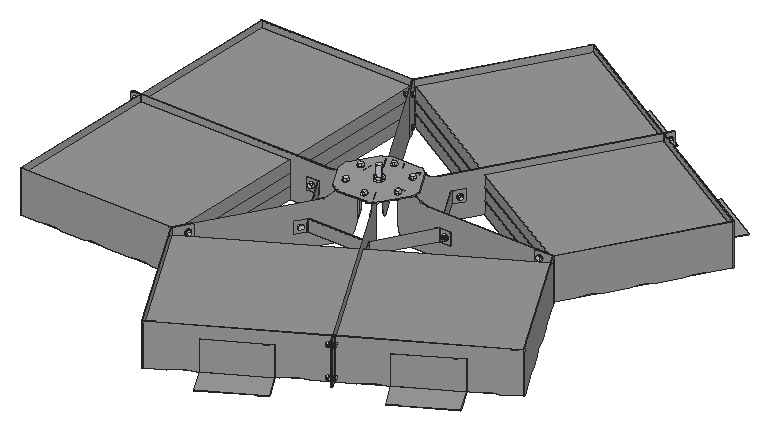
Revit family "ROTHOB_Rothoblaas_FallProtection_BLOCK", category Specialty Equipment, host Face, Revit 2022
Family settings
  Host = Face
  Round Connector Dimension = Use Diameter
  Part Type = Normal
  OmniClass Number = 23.27.71.21
  Cut with Voids When Loaded = No
  Maintain Annotation Orientation = No
  Shared = No
  Room Calculation Point = No
Parameters (values of type "BLOCK+BLOCKPLATE_1891x1669x210mm")
  WarrantyStartDate [instance] = ""
  WarrantyGuarantorParts = "n/a"
  WarrantyGuarantorLabor = "n/a"
  WarrantyDurationUnit = "n/a"
  WarrantyDurationParts = "n/a"
  WarrantyDurationLabor = "n/a"
  WarrantyDescription = "n/a"
  Version = "001"  # constant formula
  UniClass2015Version = "Products v1.38"  # constant formula
  UniClass2015Title = "Safety access anchor devices"  # constant formula
  UniClass2015Code = "Pr_40_70_75_75"  # constant formula
  Tipo IFC predefinito = "USERDEFINED"
  SustainabilityPerformance = "n/a"
  Size = "1891x1669x210 mm"  # constant formula
  Shape = "Three-dimensional"  # constant formula
  Revision = "001"  # constant formula
  ReplacementCost = "n/a"
  ReferenceStandard = "with PATROL: EN 795:2012 C | CEN/TS 16415:2013 | UNI 11578:2015 C //  with AOS01: EN 795:2012 E"  # constant formula
  ObjectMaterial = ROTHOB_Rothoblaas_StainlessSteelAISI304
  N°Ballast=24 = no
  NominalLength = Lenght_L  # 1891.243 mm
  Manufacturer = "info@rothoblaas.com"
  H_BLOCKMAT = 0.00 mm
  GTIN = "BLOCK: 8052877750641 / BLOCKPLATE: 8054045435831"
  Description = "Support with ballast for fall protection systems for non-drillable green roofs and flat roofs (slope up to 5°)"  # constant formula
  Default Elevation = 1219.20 mm
  ProductInformation = "https://www.rothoblaas.com/products/fall-protection-system/anchor-lines/components/block"
  OmniClassVersion = "2012-05-16"  # constant formula
  OmniClassTitle = "Fall Arrest Systems"  # constant formula
  OmniClassCode = "23-27 71 21"  # constant formula
  NominalWidth = Width_B  # 1668.533 mm
  NominalHeight = Height_H  # 165.50 mm
  InstallationDate [instance] = ""
  IfcElementType = "FALL_ARRESTER_DEVICES"
  Height_H = 165.50 mm
  Name = "Support for fall protection systems"  # constant formula
  ModelReference = "n/a"  # constant formula
  ModelNumber = "BLOCK"  # constant formula
  ModelDisclaimer = "The latest version of the data sheets can be found on our website // BLOCKMAT, BLOCKPLATE and Ballasts are not included with the purchase of BLOCK"  # constant formula
  MinWeight = "BLOCK 19.3 kg / BLOCK with 18 ballasts 400 kg"  # constant formula
  Material = "AISI 304 stainless steel grade 1.4301"  # constant formula
  ManufacturerURL = "www.rothoblaas.com"
  ManufacturerName = "ROTHO BLAAS SRL"  # constant formula
  IfcExportType = "USERDEFINED"
  IfcExportAs = "IfcBuildingElementProxyType"
  Width_B = 1668.533 mm
  Grade = "n/a"  # constant formula
  Finish = "Stainless steel"  # constant formula
  Features = "Horizontal lifeline and anchor points"  # constant formula
  ExpectedLife = "n/a"  # constant formula
  Esporta tipo in formato IFC con nome = "IfcBuildingElementProxyType"
  DurationUnit = "Years"  # constant formula
  Lenght_L = 1891.243 mm
  Constituents = "n/a"  # constant formula
  Color = "Grey"  # constant formula
  CodePerformance = "CE - Safety system"  # constant formula
  Category = "Pr_40_70_75_75 - Safety access anchor devices"  # constant formula
  BLOCKPLATE = yes
  BLOCKMAT = no
  BIMObjectName = "ROTHOB_Rothoblaas_FallProtection_BLOCK"  # constant formula
  Author = "Augusto Meorali"  # constant formula
  AssetType = "Fixed"  # constant formula
  AccessibilityPerformance = "n/a"  # constant formula
Reference planes
  plane 1 "Centro (Fronte/Retro)": y = 0
  plane 2: z = 0
  plane 3 "Centro (Sinistra/Destra)": x = 0
  plane 4: x = -830.356
  plane 5: x = 838.177
  plane 6: y = -945.614
  plane 7: y = 945.63
  plane 8: z = 165.5
  plane 9 "BLOCK BASE REF PLANE": z = 0
Dimensions and locks
  equal spacing: host sketch curve, plane 3 "Centro (Sinistra/Destra)", host sketch curve
  host sketch curve to host sketch curve = 6940.478 mm
  equal spacing: host sketch curve, plane 1 "Centro (Fronte/Retro)", host sketch curve
  host sketch curve to host sketch curve = 8379.903 mm
  "Width_B": plane 4 to plane 5
  "Lenght_L": plane 7 to plane 6
  "H_BLOCKMAT": plane 9 "BLOCK BASE REF PLANE" to level
  "Height_H": plane 8 to plane 9 "BLOCK BASE REF PLANE"
  aligned and locked: host face to plane 2
  aligned and locked: host face to level
Nested families
  nested 1: "ROTHOB_Rothoblaas_FallProtection_BLOCK_LongStrut" at (0, 0, 0), type "ROTHOB_Rothoblaas_FallProtection_BLOCK_LongStrut"
  nested 2: "ROTHOB_Rothoblaas_FallProtection_BLOCK_ShortStrut" at (0, 0, 0), type "ROTHOB_Rothoblaas_FallProtection_BLOCK_ShortStrut"
  nested 3: "ROTHOB_Rothoblaas_FallProtection_BLOCK_Frame" at (0, 0, 0), type "ROTHOB_Rothoblaas_FallProtection_BLOCK_FrameBolted"
  nested 4: "ROTHOB_Rothoblaas_FallProtection_BLOCK_Frame" at (0, 0, 0), type "ROTHOB_Rothoblaas_FallProtection_BLOCK_Frame"
  nested 5: "ROTHOB_Rothoblaas_FallProtection_BLOCK_Connection" at (0, 0, 0), type "ROTHOB_Rothoblaas_FallProtection_BLOCK_Connection"
  nested 6: "ROTHOB_Rothoblaas_FallProtection_BLOCK_ShortStrut" at (0, 0, 0) x (-0.5, 0.866, 0) z (0, 0, 1), type "ROTHOB_Rothoblaas_FallProtection_BLOCK_ShortStrut"
  nested 7: "ROTHOB_Rothoblaas_FallProtection_BLOCK_ShortStrut" at (0, 0, 0) x (-0.5, -0.866, 0) z (0, 0, 1), type "ROTHOB_Rothoblaas_FallProtection_BLOCK_ShortStrut"
  nested 8: "ROTHOB_Rothoblaas_FallProtection_BLOCK_Frame" at (0, 0, 0) x (-0.5, 0.866, 0) z (0, 0, 1), type "ROTHOB_Rothoblaas_FallProtection_BLOCK_FrameBolted"
  nested 9: "ROTHOB_Rothoblaas_FallProtection_BLOCK_Frame" at (0, 0, 0) x (-0.5, 0.866, 0) z (0, 0, 1), type "ROTHOB_Rothoblaas_FallProtection_BLOCK_Frame"
  nested 10: "ROTHOB_Rothoblaas_FallProtection_BLOCK_Connection" at (0, 0, 0) x (-0.5, 0.866, 0) z (0, 0, 1), type "ROTHOB_Rothoblaas_FallProtection_BLOCK_Connection"
  nested 11: "ROTHOB_Rothoblaas_FallProtection_BLOCK_LongStrut" at (0, 0, 0) x (-0.5, 0.866, 0) z (0, 0, 1), type "ROTHOB_Rothoblaas_FallProtection_BLOCK_LongStrut"
  nested 12: "ROTHOB_Rothoblaas_FallProtection_BLOCK_Frame" at (0, 0, 0) x (-0.5, -0.866, 0) z (0, 0, 1), type "ROTHOB_Rothoblaas_FallProtection_BLOCK_FrameBolted"
  nested 13: "ROTHOB_Rothoblaas_FallProtection_BLOCK_Frame" at (0, 0, 0) x (-0.5, -0.866, 0) z (0, 0, 1), type "ROTHOB_Rothoblaas_FallProtection_BLOCK_Frame"
  nested 14: "ROTHOB_Rothoblaas_FallProtection_BLOCK_Connection" at (0, 0, 0) x (-0.5, -0.866, 0) z (0, 0, 1), type "ROTHOB_Rothoblaas_FallProtection_BLOCK_Connection"
  nested 15: "ROTHOB_Rothoblaas_FallProtection_BLOCK_LongStrut" at (0, 0, 0) x (-0.5, -0.866, 0) z (0, 0, 1), type "ROTHOB_Rothoblaas_FallProtection_BLOCK_LongStrut"
  nested 16: "ROTHOB_Rothoblaas_FallProtection_BLOCK_MainPlate" at (0, 0, 162.5) x (-1, 0, 0) z (0, 0, 1), type "ROTHOB_Rothoblaas_FallProtection_BLOCK_MainPlate"
  nested 17: "ROTHOB_Rothoblaas_FallProtection_BLOCK_Ballast" at (-546.395, -253.791, 0), type "Ballast_500x500x40 mm"
  nested 18: "ROTHOB_Rothoblaas_FallProtection_BLOCK_Ballast" at (-546.395, 253.791, 0), type "Ballast_500x500x40 mm"
  nested 19: "ROTHOB_Rothoblaas_FallProtection_BLOCK_Ballast" at (-546.395, -253.791, 40) x (-1, 0, 0) z (0, 0, 1), type "Ballast_500x500x40 mm"
  nested 20: "ROTHOB_Rothoblaas_FallProtection_BLOCK_Ballast" at (-546.395, 253.791, 40) x (0, 1, 0) z (0, 0, 1), type "Ballast_500x500x40 mm"
  nested 21: "ROTHOB_Rothoblaas_FallProtection_BLOCK_Ballast" at (-546.395, -253.791, 80), type "Ballast_500x500x40 mm"
  nested 22: "ROTHOB_Rothoblaas_FallProtection_BLOCK_Ballast" at (-546.395, 253.791, 80) x (0, -1, 0) z (0, 0, 1), type "Ballast_500x500x40 mm"
  nested 23: "ROTHOB_Rothoblaas_FallProtection_BLOCK_Ballast" at (492.987, -346.296, 0) x (-0.5, 0.866, 0) z (0, 0, 1), type "Ballast_500x500x40 mm"
  nested 24: "ROTHOB_Rothoblaas_FallProtection_BLOCK_Ballast" at (53.408, -600.087, 0) x (-0.5, 0.866, 0) z (0, 0, 1), type "Ballast_500x500x40 mm"
  nested 25: "ROTHOB_Rothoblaas_FallProtection_BLOCK_Ballast" at (492.987, -346.296, 40) x (0.5, -0.866, 0) z (0, 0, 1), type "Ballast_500x500x40 mm"
  nested 26: "ROTHOB_Rothoblaas_FallProtection_BLOCK_Ballast" at (53.408, -600.087, 40) x (-0.866, -0.5, 0) z (0, 0, 1), type "Ballast_500x500x40 mm"
  nested 27: "ROTHOB_Rothoblaas_FallProtection_BLOCK_Ballast" at (492.987, -346.296, 80) x (-0.5, 0.866, 0) z (0, 0, 1), type "Ballast_500x500x40 mm"
  nested 28: "ROTHOB_Rothoblaas_FallProtection_BLOCK_Ballast" at (53.408, -600.087, 80) x (0.866, 0.5, 0) z (0, 0, 1), type "Ballast_500x500x40 mm"
  nested 29: "ROTHOB_Rothoblaas_FallProtection_BLOCK_Ballast" at (53.408, 600.087, 0) x (-0.5, -0.866, 0) z (0, 0, 1), type "Ballast_500x500x40 mm"
  nested 30: "ROTHOB_Rothoblaas_FallProtection_BLOCK_Ballast" at (492.987, 346.296, 0) x (-0.5, -0.866, 0) z (0, 0, 1), type "Ballast_500x500x40 mm"
  nested 31: "ROTHOB_Rothoblaas_FallProtection_BLOCK_Ballast" at (53.408, 600.087, 40) x (0.5, 0.866, 0) z (0, 0, 1), type "Ballast_500x500x40 mm"
  nested 32: "ROTHOB_Rothoblaas_FallProtection_BLOCK_Ballast" at (492.987, 346.296, 40) x (0.866, -0.5, 0) z (0, 0, 1), type "Ballast_500x500x40 mm"
  nested 33: "ROTHOB_Rothoblaas_FallProtection_BLOCK_Ballast" at (53.408, 600.087, 80) x (-0.5, -0.866, 0) z (0, 0, 1), type "Ballast_500x500x40 mm"
  nested 34: "ROTHOB_Rothoblaas_FallProtection_BLOCK_Ballast" at (492.987, 346.296, 80) x (-0.866, 0.5, 0) z (0, 0, 1), type "Ballast_500x500x40 mm"
  nested 35: "ROTHOB_Rothoblaas_FallProtection_BLOCK_Ballast" at (53.408, -600.087, 120) x (-0.866, -0.5, 0) z (0, 0, 1), visible <- "N°Ballast=24", type "Ballast_500x500x40 mm"
  nested 36: "ROTHOB_Rothoblaas_FallProtection_BLOCK_Ballast" at (492.987, -346.296, 120) x (0.5, -0.866, 0) z (0, 0, 1), visible <- "N°Ballast=24", type "Ballast_500x500x40 mm"
  nested 37: "ROTHOB_Rothoblaas_FallProtection_BLOCK_Ballast" at (-546.395, -253.791, 120) x (-1, 0, 0) z (0, 0, 1), visible <- "N°Ballast=24", type "Ballast_500x500x40 mm"
  nested 38: "ROTHOB_Rothoblaas_FallProtection_BLOCK_Ballast" at (-546.395, 253.791, 120) x (0, 1, 0) z (0, 0, 1), visible <- "N°Ballast=24", type "Ballast_500x500x40 mm"
  nested 39: "ROTHOB_Rothoblaas_FallProtection_BLOCK_Ballast" at (53.408, 600.087, 120) x (0.5, 0.866, 0) z (0, 0, 1), visible <- "N°Ballast=24", type "Ballast_500x500x40 mm"
  nested 40: "ROTHOB_Rothoblaas_FallProtection_BLOCK_Ballast" at (492.987, 346.296, 120) x (0.866, -0.5, 0) z (0, 0, 1), visible <- "N°Ballast=24", type "Ballast_500x500x40 mm"
  nested 41: "ROTHOB_Rothoblaas_FallProtection_BLOCKPLATE" at (180.388, -820.024, 0) x (0.866, 0.5, 0) z (0, 0, 1), visible <- "BLOCKPLATE", type "BLOCKPLATE_100x200x100mm"
  nested 42: "ROTHOB_Rothoblaas_FallProtection_BLOCKPLATE" at (619.643, -566.42, 0) x (0.866, 0.5, 0) z (0, 0, 1), visible <- "BLOCKPLATE", type "BLOCKPLATE_100x200x100mm"
  nested 43: "ROTHOB_Rothoblaas_FallProtection_BLOCKPLATE" at (619.643, 566.42, 0) x (-0.866, 0.5, 0) z (0, 0, 1), visible <- "BLOCKPLATE", type "BLOCKPLATE_100x200x100mm"
  nested 44: "ROTHOB_Rothoblaas_FallProtection_BLOCKPLATE" at (180.713, 819.837, 0) x (-0.866, 0.5, 0) z (0, 0, 1), visible <- "BLOCKPLATE", type "BLOCKPLATE_100x200x100mm"
  nested 45: "ROTHOB_Rothoblaas_FallProtection_BLOCKPLATE" at (-800.356, 253.791, 0) x (0, -1, 0) z (0, 0, 1), visible <- "BLOCKPLATE", type "BLOCKPLATE_100x200x100mm"
  nested 46: "ROTHOB_Rothoblaas_FallProtection_BLOCKPLATE" at (-800.356, -253.791, 0) x (0, -1, 0) z (0, 0, 1), visible <- "BLOCKPLATE", type "BLOCKPLATE_100x200x100mm"
  nested 47: "ROTHOB_Rothoblaas_FallProtection_BLOCKMAT" at (-546.395, 0, 0) x (0, 1, 0) z (0, 0, 1), visible <- "BLOCKMAT", type "BLOCKMAT_550x1050x6mm"
  nested 48: "ROTHOB_Rothoblaas_FallProtection_BLOCKMAT" at (273.197, -473.192, 0) x (-0.866, -0.5, 0) z (0, 0, 1), visible <- "BLOCKMAT", type "BLOCKMAT_550x1050x6mm"
  nested 49: "ROTHOB_Rothoblaas_FallProtection_BLOCKMAT" at (273.197, 473.192, 0) x (-0.866, 0.5, 0) z (0, 0, 1), visible <- "BLOCKMAT", type "BLOCKMAT_550x1050x6mm"
  nested 50: "ROTHOB_Rothoblaas_FallProtection_BLOCK_Connection" at (0, 0, 0) x (0.5, -0.866, 0) z (0, 0, 1), type "ROTHOB_Rothoblaas_FallProtection_BLOCK_Connection"
  nested 51: "ROTHOB_Rothoblaas_FallProtection_BLOCK_Connection" at (0, 0, 0) x (0.5, 0.866, 0) z (0, 0, 1), type "ROTHOB_Rothoblaas_FallProtection_BLOCK_Connection"
  nested 52: "ROTHOB_Rothoblaas_FallProtection_BLOCK_Connection" at (0, 0, 0) x (-1, 0, 0) z (0, 0, 1), type "ROTHOB_Rothoblaas_FallProtection_BLOCK_Connection"
Definition of nested family "ROTHOB_Rothoblaas_FallProtection_BLOCK_LongStrut"
  Parameters (values of type "ROTHOB_Rothoblaas_FallProtection_BLOCK_LongStrut")
    Material = none
    Default Elevation = 1219.20 mm
    D upper hole = 9.70 mm
    D holes = 9.00 mm
  Reference planes
    plane 1 "Center (Front/Back)": y = 0
    plane 2: z = 0
    plane 3 "Center (Left/Right)": x = 0
    plane 4: y = 0.75
    plane 5: y = -0.75
    plane 6 "Upper plate ref": z = 162.5
    plane 7: z = 161
    plane 8: x = -815.184
    plane 9: z = 120
    plane 10: z = 20
    plane 11: x = -223.954
    plane 12: z = 70
    plane 13: x = -83.754
    plane 14: y = 27.004
  Forms (mm)
    Extrusion 1, solid
      sketch origin (0, 0, 0) x (1, 0, 0) y (0, 1, 0)
        loop
          line (-1219.2, 1219.2) -> (-1219.2, -1219.2) -> (1219.2, -1219.2) -> (1219.2, 1219.2) -> (-1219.2, 1219.2)
      from 0 to -304.8
    Extrusion 2, solid, material <- "Material", detail levels fine
      sketch origin (0, 0, 0) x (1, 0, 0) y (0, 0, 1)
        loop
          line (-164.998, 140) -> (-825.354, 140)
          arc (-825.354, 140) -> (-828.89, 138.536) -> (-830.354, 135) r 5
          line (-830.354, 135) -> (-830.354, 5)
          arc (-830.354, 5) -> (-828.89, 1.464) -> (-825.354, 0) r 5
          line (-825.354, 0) -> (-113.954, 0)
          arc (-113.954, 0) -> (-78.599, 14.645) -> (-63.954, 50) r 50
          line (-63.954, 50) -> (-63.954, 160) -> (-118.954, 160)
          arc (-118.954, 160) -> (-119.784, 159.128) -> (-120.631, 158.272) r 63
          arc (-120.631, 158.272) -> (-141.007, 144.747) -> (-164.998, 140) r 63
        loop
          circle (-815.184, 120) r 4.5
        loop
          circle (-815.184, 20) r 4.5
        loop
          circle (-223.954, 70) r 4.5
      from -0.75 to 0.75
    Extrusion 3, solid, material <- "Material", detail levels fine
      sketch origin (0, 0, 0) x (1, 0, 0) y (0, 1, 0)
        loop
          line (-100.215, 48.369) -> (-102.797, 32.31)
          arc (-102.797, 32.31) -> (-107.718, 16.081) -> (-116.789, 1.754) r 63
          line (-116.789, 1.754) -> (-63.954, 1.754) -> (-63.954, 46.504)
          arc (-63.954, 46.504) -> (-65.419, 50.039) -> (-68.954, 51.504) r 5
          line (-68.954, 51.504) -> (-95.576, 51.504)
          arc (-95.576, 51.504) -> (-98.375, 50.646) -> (-100.215, 48.369) r 5
        loop
          circle (-83.754, 27.004) r 4.85
      from 161 to 162.5
    Sweep 4, solid, material <- "Material", detail levels fine
      path in 3D
        loop
          line (-63.954, 1.754, 161) -> (-116.789, 1.754, 161)
      profile origin (-90.372, 1.754, 161) x (0, 1, 0) y (0, 0, -1)
        loop
          arc (-2.504, 1) -> (-1.77, -0.77) -> (0, -1.504) r 2.504
          line (0, -1.504) -> (0, -0.004)
          arc (0, -0.004) -> (-0.71, 0.29) -> (-1.004, 1) r 1.004
          line (-1.004, 1) -> (-2.504, 1)
  Cuts and joins
    joined: Extrusion 2, Extrusion 3, Sweep 4
  Lines and regions (mm)
    sketch lines
      curve 1: line (-63.954, 1.754, 161) -> (-116.789, 1.754, 161)
    model lines, detail levels coarse+medium
      curve 2: line (-164.998, 0, 140) -> (-825.354, 0, 140)
      curve 3: arc (-825.354, 0, 140) -> (-828.89, 0, 138.536) -> (-830.354, 0, 135) r 5
      curve 4: line (-830.354, 0, 135) -> (-830.354, 0, 5)
      curve 5: arc (-830.354, 0, 5) -> (-828.89, 0, 1.464) -> (-825.354, 0, 0) r 5
      curve 6: line (-825.354, 0, 0) -> (-113.954, 0, 0)
      curve 7: arc (-113.954, 0, 0) -> (-78.599, 0, 14.645) -> (-63.954, 0, 50) r 50
      curve 8: line (-63.954, 0, 50) -> (-63.954, 0, 162.5)
      curve 9: arc (-116.741, 0, 162.5) -> (-138.376, 0, 145.901) -> (-164.998, 0, 140) r 63
      curve 10: arc (-819.684, 0, 120) -> (-815.184, 0, 115.5) -> (-810.684, 0, 120) r 4.5
      curve 11: arc (-810.684, 0, 120) -> (-815.184, 0, 124.5) -> (-819.684, 0, 120) r 4.5
      curve 12: arc (-810.684, 0, 20) -> (-815.184, 0, 24.5) -> (-819.684, 0, 20) r 4.5
      curve 13: arc (-819.684, 0, 20) -> (-815.184, 0, 15.5) -> (-810.684, 0, 20) r 4.5
      curve 14: arc (-228.454, 0, 70) -> (-223.954, 0, 65.5) -> (-219.454, 0, 70) r 4.5
      curve 15: arc (-219.454, 0, 70) -> (-223.954, 0, 74.5) -> (-228.454, 0, 70) r 4.5
      curve 16: line (-63.954, 0, 162.5) -> (-116.741, 0, 162.5)
      curve 17: arc (-102.797, 32.31, 162.5) -> (-107.717, 16.083, 162.5) -> (-116.787, 1.756, 162.5) r 63
      curve 18: line (-102.797, 32.31, 162.5) -> (-100.215, 48.369, 162.5)
      curve 19: arc (-95.576, 51.504, 162.5) -> (-98.375, 50.646, 162.5) -> (-100.215, 48.369, 162.5) r 5
      curve 20: line (-95.576, 51.504, 162.5) -> (-68.954, 51.504, 162.5)
      curve 21: arc (-68.954, 51.504, 162.5) -> (-65.419, 50.039, 162.5) -> (-63.954, 46.504, 162.5) r 5
      curve 22: line (-63.954, 46.504, 162.5) -> (-63.954, 0, 162.5)
      curve 23: arc (-83.754, 31.858, 162.5) -> (-88.609, 27.004, 162.5) -> (-83.754, 22.149, 162.5) r 4.854
      curve 24: arc (-83.754, 22.149, 162.5) -> (-78.9, 27.004, 162.5) -> (-83.754, 31.858, 162.5) r 4.854
    model lines
      curve 25: line (-116.787, 1.756, 162.5) -> (-116.741, 0, 162.5)
  Dimensions and locks
    equal spacing: plane 4, plane 1 "Center (Front/Back)", plane 5
    plane 4 to plane 5 = 1.50 mm
    plane 6 "Upper plate ref" to plane 7 = 1.50 mm
    plane 7 to level = 161.00 mm
    "D holes": diameter of Extrusion 2 sketch curve  (x3)
    "D upper hole": diameter of Extrusion 3 sketch curve
    aligned and locked: plane 2 to Extrusion 1
    aligned and locked: level to Extrusion 1
    aligned and locked: plane 4 to Extrusion 2
    aligned and locked: Extrusion 2 to plane 5
    aligned and locked: Extrusion 3 to plane 7
    aligned and locked: plane 6 "Upper plate ref" to Extrusion 3
    aligned and locked: plane 8 to Extrusion 2 sketch curve  (x2)
    aligned and locked: plane 9 to Extrusion 2 sketch curve
    aligned and locked: plane 10 to Extrusion 2 sketch curve
    aligned and locked: plane 12 to Extrusion 2 sketch curve
    aligned and locked: plane 11 to Extrusion 2 sketch curve
    aligned and locked: plane 13 to Extrusion 3 sketch curve
    aligned and locked: plane 14 to Extrusion 3 sketch curve
  Automatic sketch dimensions
    Extrusion 1 sketch curve to Extrusion 1 sketch curve = 2438.40 mm  (x2)
    Sweep 4 sketch curve to profile plane = 0.00 mm
    profile plane to Sweep 4 sketch curve = 1.004 mm
    Sweep 4 sketch curve to profile plane = 0.004 mm
    Sweep 4 sketch curve to Sweep 4 sketch curve = 1.50 mm
    curve 6 to level = 0.00 mm
    curve 4 to plane 7 = 26.00 mm
    curve 4 to plane 3 "Center (Left/Right)" = 830.354 mm
    curve 4 to curve 6 = 5.00 mm
    curve 4 to curve 2 = 5.00 mm
    curve 2 to plane 3 "Center (Left/Right)" = 164.998 mm
    level to curve 7 = 50.00 mm
    curve 9 to curve 7 = 51.043 mm
    curve 3 to curve 10 = 10.17 mm
    curve 11 to curve 3 = 15.00 mm
    curve 11 to curve 10 = 4.50 mm
    curve 5 to curve 12 = 10.17 mm
    curve 5 to curve 13 = 15.00 mm
    curve 12 to curve 12 = 4.50 mm
    curve 15 to curve 2 = 58.957 mm
    level to curve 15 = 70.00 mm
    curve 14 to curve 14 = 4.50 mm
    plane 6 "Upper plate ref" to curve 9 = 40.50 mm
    curve 16 to plane 6 "Upper plate ref" = 0.00 mm
    plane 1 "Center (Front/Back)" to curve 25 = 0.00 mm
    plane 1 "Center (Front/Back)" to curve 22 = 0.00 mm
    curve 23 to plane 13 = 0.00 mm
    curve 23 to plane 14 = 0.00 mm
    plane 14 to curve 18 = 5.306 mm
    plane 14 to curve 17 = 15.307 mm
    plane 14 to curve 21 = 19.50 mm
    curve 18 to curve 19 = 14.194 mm
    curve 19 to curve 18 = 1.865 mm
    curve 19 to curve 20 = 5.00 mm
    plane 13 to curve 20 = 14.80 mm
    curve 20 to plane 13 = 11.821 mm
    curve 19 to curve 18 = 7.221 mm
    curve 17 to plane 11 = 58.957 mm
    plane 4 to curve 25 = 1.006 mm
    curve 23 to plane 14 = 4.854 mm
    curve 25 to curve 17 = 0.046 mm
    Extrusion 2 sketch curve to Extrusion 2 sketch curve = 0.00 mm  (x2)
    Extrusion 2 sketch curve to level = 0.00 mm
    Extrusion 2 sketch curve to plane 8 = 10.17 mm  (x2)
    level to Extrusion 2 sketch curve = 5.00 mm
    plane 9 to Extrusion 2 sketch curve = 20.00 mm
    Extrusion 2 sketch curve to plane 11 = 58.957 mm
    Extrusion 2 sketch curve to plane 7 = 1.00 mm
    Extrusion 2 sketch curve to Extrusion 2 sketch curve = 46.043 mm
    Extrusion 2 sketch curve to plane 13 = 30.20 mm
    plane 13 to Extrusion 2 sketch curve = 19.80 mm
    Extrusion 2 sketch curve to Extrusion 2 sketch curve = 1.677 mm
    Extrusion 3 sketch curve to plane 13 = 11.821 mm
    Extrusion 3 sketch curve to Extrusion 3 sketch curve = 4.639 mm
    plane 14 to Extrusion 3 sketch curve = 5.306 mm
    Extrusion 3 sketch curve to Extrusion 3 sketch curve = 7.221 mm
    plane 4 to Extrusion 3 sketch curve = 1.004 mm
    Extrusion 3 sketch curve to plane 13 = 33.035 mm
    plane 14 to Extrusion 3 sketch curve = 15.307 mm
    plane 13 to Extrusion 3 sketch curve = 14.80 mm
    plane 13 to Extrusion 3 sketch curve = 19.80 mm
    plane 14 to Extrusion 3 sketch curve = 19.50 mm
    Extrusion 3 sketch curve to Extrusion 3 sketch curve = 5.00 mm
Definition of nested family "ROTHOB_Rothoblaas_FallProtection_BLOCK_ShortStrut"
  Parameters (values of type "ROTHOB_Rothoblaas_FallProtection_BLOCK_ShortStrut")
    Material = none
    Default Elevation = 1219.20 mm
    D upper hole = 9.70 mm
    D holes = 9.00 mm
  Reference planes
    plane 1 "Center (Front/Back)": y = 0
    plane 2: z = 0
    plane 3 "Center (Left/Right)": x = 0
    plane 4: y = 0.754
    plane 5: y = -0.754
    plane 6 "Upper plate ref": z = 162.5
    plane 7: z = 161
    plane 8: x = 540.454
    plane 9: z = 120
    plane 10: z = 20
    plane 11: x = 223.954
    plane 12: z = 70
    plane 13: x = 83.754
    plane 14: y = -27.004
  Forms (mm)
    Extrusion 1, solid
      sketch origin (0, 0, 0) x (1, 0, 0) y (0, 1, 0)
        loop
          line (-1219.2, 1219.2) -> (-1219.2, -1219.2) -> (1219.2, -1219.2) -> (1219.2, 1219.2) -> (-1219.2, 1219.2)
      from 0 to -304.8
    Extrusion 2, solid, material <- "Material", detail levels fine
      sketch origin (0, 0, 0) x (1, 0, 0) y (0, 0, 1)
        loop
          line (550.454, 140) -> (164.998, 140)
          arc (164.998, 140) -> (141.007, 144.747) -> (120.631, 158.272) r 63
          arc (120.631, 158.272) -> (119.784, 159.128) -> (118.954, 160) r 63
          line (118.954, 160) -> (63.954, 160) -> (63.954, 50)
          arc (63.954, 50) -> (78.599, 14.645) -> (113.954, 0) r 50
          line (113.954, 0) -> (550.454, 0)
          arc (550.454, 0) -> (553.99, 1.464) -> (555.454, 5) r 5
          line (555.454, 5) -> (555.454, 135)
          arc (555.454, 135) -> (553.99, 138.536) -> (550.454, 140) r 5
        loop
          circle (223.954, 70) r 4.5
        loop
          circle (540.454, 120) r 4.5
        loop
          circle (540.454, 20) r 4.5
      from -0.754 to 0.754
    Extrusion 3, solid, material <- "Material", detail levels fine
      sketch origin (0, 0, 0) x (1, 0, 0) y (0, 1, 0)
        loop
          line (65.954, -51.504) -> (97.603, -51.504)
          arc (97.603, -51.504) -> (98.723, -51.161) -> (99.459, -50.25) r 2
          line (99.459, -50.25) -> (103.05, -30.845)
          arc (103.05, -30.845) -> (108.031, -15.408) -> (116.789, -1.754) r 63
          line (116.789, -1.754) -> (63.954, -1.754) -> (63.954, -49.504)
          arc (63.954, -49.504) -> (64.54, -50.918) -> (65.954, -51.504) r 2
        loop
          circle (83.754, -27.004) r 4.85
      from 161 to 162.5
    Sweep 4, solid, material <- "Material", detail levels fine
      path in 3D
        loop
          line (63.954, -1.754, 161) -> (116.789, -1.754, 161)
      profile origin (90.372, -1.754, 161) x (0, -1, 0) y (0, 0, -1)
        loop
          arc (0, 0) -> (-0.707, 0.293) -> (-1, 1) r 1
          line (-1, 1) -> (-2.5, 1)
          arc (-2.5, 1) -> (-1.768, -0.768) -> (0, -1.5) r 2.5
          line (0, -1.5) -> (0, 0)
  Cuts and joins
    joined: Extrusion 3, Sweep 4
  Lines and regions (mm)
    sketch lines
      curve 1: line (63.954, -1.754, 161) -> (116.789, -1.754, 161)
    model lines, detail levels coarse+medium
      curve 2: line (550.454, 0, 140) -> (164.998, 0, 140)
      curve 3: arc (164.998, 0, 140) -> (141.007, 0, 144.747) -> (120.631, 0, 158.272) r 63
      curve 4: arc (120.631, 0, 158.272) -> (118.638, 0, 160.342) -> (116.741, 0, 162.5) r 63
      curve 5: line (63.954, 0, 162.5) -> (63.954, 0, 50)
      curve 6: arc (63.954, 0, 50) -> (78.599, 0, 14.645) -> (113.954, 0, 0) r 50
      curve 7: line (113.954, 0, 0) -> (550.454, 0, 0)
      curve 8: arc (550.454, 0, 0) -> (553.99, 0, 1.464) -> (555.454, 0, 5) r 5
      curve 9: line (555.454, 0, 5) -> (555.454, 0, 135)
      curve 10: arc (555.454, 0, 135) -> (553.99, 0, 138.536) -> (550.454, 0, 140) r 5
      curve 11: arc (228.454, 0, 70) -> (223.954, 0, 65.5) -> (219.454, 0, 70) r 4.5
      curve 12: arc (219.454, 0, 70) -> (223.954, 0, 74.5) -> (228.454, 0, 70) r 4.5
      curve 13: arc (544.954, 0, 20) -> (540.454, 0, 15.5) -> (535.954, 0, 20) r 4.5
      curve 14: arc (535.954, 0, 20) -> (540.454, 0, 24.5) -> (544.954, 0, 20) r 4.5
      curve 15: arc (544.954, 0, 120) -> (540.454, 0, 115.5) -> (535.954, 0, 120) r 4.5
      curve 16: arc (535.954, 0, 120) -> (540.454, 0, 124.5) -> (544.954, 0, 120) r 4.5
      curve 17: line (63.954, 0, 162.5) -> (116.741, 0, 162.5)
      curve 18: line (65.954, -51.504, 162.5) -> (97.603, -51.504, 162.5)
      curve 19: arc (97.603, -51.504, 162.5) -> (98.723, -51.161, 162.5) -> (99.459, -50.25, 162.5) r 2
      curve 20: line (99.459, -50.25, 162.5) -> (103.05, -30.845, 162.5)
      curve 21: arc (103.05, -30.845, 162.5) -> (108.031, -15.408, 162.5) -> (116.789, -1.754, 162.5) r 63
      curve 22: line (63.954, 0, 162.5) -> (63.954, -49.504, 162.5)
      curve 23: arc (63.954, -49.504, 162.5) -> (64.54, -50.918, 162.5) -> (65.954, -51.504, 162.5) r 2
      curve 24: arc (83.754, -31.858, 162.5) -> (88.609, -27.004, 162.5) -> (83.754, -22.149, 162.5) r 4.854
      curve 25: arc (83.754, -22.149, 162.5) -> (78.9, -27.004, 162.5) -> (83.754, -31.858, 162.5) r 4.854
      curve 26: line (116.789, -1.754, 162.5) -> (116.741, 0, 162.5)
  Dimensions and locks
    equal spacing: plane 4, plane 1 "Center (Front/Back)", plane 5
    plane 4 to plane 5 = 1.507 mm
    plane 7 to level = 161.00 mm
    plane 6 "Upper plate ref" to plane 7 = 1.50 mm
    "D upper hole": diameter of Extrusion 3 sketch curve
    "D holes": diameter of Extrusion 2 sketch curve  (x3)
    aligned and locked: plane 2 to Extrusion 1
    aligned and locked: level to Extrusion 1
    aligned and locked: plane 4 to Extrusion 2
    aligned and locked: Extrusion 2 to plane 5
    aligned and locked: Extrusion 3 to plane 7
    aligned and locked: plane 6 "Upper plate ref" to Extrusion 3
    aligned and locked: plane 13 to Extrusion 3 sketch curve
    aligned and locked: plane 14 to Extrusion 3 sketch curve
    aligned and locked: plane 11 to Extrusion 2 sketch curve
    aligned and locked: plane 12 to Extrusion 2 sketch curve
    aligned and locked: plane 9 to Extrusion 2 sketch curve
    aligned and locked: plane 8 to Extrusion 2 sketch curve  (x2)
    aligned and locked: plane 10 to Extrusion 2 sketch curve
  Automatic sketch dimensions
    Extrusion 1 sketch curve to Extrusion 1 sketch curve = 2438.40 mm  (x2)
    Sweep 4 sketch curve to profile plane = 0.00 mm
    profile plane to Sweep 4 sketch curve = 0.00 mm
    Sweep 4 sketch curve to Sweep 4 sketch curve = 1.00 mm
    Sweep 4 sketch curve to profile plane = 1.50 mm
    curve 3 to curve 4 = 0.00 mm  (x2)
    curve 6 to level = 0.00 mm
    plane 3 "Center (Left/Right)" to curve 5 = 63.954 mm
    level to curve 6 = 50.00 mm
    curve 2 to plane 7 = 21.00 mm
    curve 3 to curve 2 = 385.457 mm
    curve 10 to curve 7 = 0.00 mm
    curve 10 to curve 9 = 5.00 mm
    curve 4 to curve 3 = 3.89 mm
    curve 3 to curve 12 = 58.957 mm
    level to curve 11 = 70.00 mm
    curve 12 to curve 11 = 4.50 mm
    curve 13 to curve 8 = 10.00 mm
    curve 8 to curve 13 = 15.00 mm
    curve 14 to curve 13 = 4.50 mm
    curve 15 to curve 10 = 10.00 mm
    curve 16 to curve 10 = 15.00 mm
    curve 15 to curve 15 = 4.50 mm
    plane 6 "Upper plate ref" to curve 4 = 40.50 mm
    curve 5 to curve 4 = 101.043 mm
    curve 17 to plane 6 "Upper plate ref" = 0.00 mm
    plane 1 "Center (Front/Back)" to curve 22 = 0.00 mm
    plane 1 "Center (Front/Back)" to curve 26 = 0.00 mm
    curve 24 to plane 5 = 26.25 mm
    curve 20 to curve 24 = 3.842 mm
    curve 21 to plane 5 = 41.557 mm
    curve 22 to curve 24 = 22.50 mm
    curve 19 to curve 20 = 18.658 mm
    curve 20 to curve 19 = 0.746 mm
    curve 18 to curve 23 = 2.00 mm
    plane 3 "Center (Left/Right)" to curve 21 = 164.998 mm
    curve 21 to curve 20 = 61.948 mm
    curve 20 to curve 20 = 3.591 mm
    curve 20 to curve 25 = 19.296 mm
    curve 25 to curve 18 = 17.80 mm
    curve 21 to plane 5 = 1.00 mm
    curve 21 to curve 26 = 0.048 mm
    curve 25 to plane 14 = 4.854 mm
    Extrusion 2 sketch curve to Extrusion 2 sketch curve = 0.00 mm  (x2)
    Extrusion 2 sketch curve to level = 0.00 mm
    plane 9 to Extrusion 2 sketch curve = 20.00 mm
    Extrusion 2 sketch curve to plane 11 = 58.957 mm
    Extrusion 2 sketch curve to plane 7 = 1.00 mm
    Extrusion 2 sketch curve to Extrusion 2 sketch curve = 46.043 mm
    plane 13 to Extrusion 2 sketch curve = 30.20 mm
    Extrusion 2 sketch curve to plane 13 = 19.80 mm
    plane 8 to Extrusion 2 sketch curve = 10.00 mm  (x2)
    level to Extrusion 2 sketch curve = 5.00 mm
    Extrusion 2 sketch curve to Extrusion 2 sketch curve = 1.677 mm
    Extrusion 3 sketch curve to plane 13 = 17.80 mm
    Extrusion 3 sketch curve to plane 5 = 1.00 mm
    Extrusion 3 sketch curve to plane 13 = 19.80 mm
    plane 13 to Extrusion 3 sketch curve = 13.848 mm
    Extrusion 3 sketch curve to Extrusion 3 sketch curve = 1.856 mm
    Extrusion 3 sketch curve to plane 14 = 3.842 mm
    plane 13 to Extrusion 3 sketch curve = 19.296 mm
    Extrusion 3 sketch curve to Extrusion 3 sketch curve = 13.739 mm
    Extrusion 3 sketch curve to plane 14 = 15.307 mm
    Extrusion 3 sketch curve to Extrusion 3 sketch curve = 18.658 mm
    Extrusion 3 sketch curve to Extrusion 3 sketch curve = 22.50 mm
Definition of nested family "ROTHOB_Rothoblaas_FallProtection_BLOCK_Frame"
  Parameters (values of type "ROTHOB_Rothoblaas_FallProtection_BLOCK_Frame")
    Material = none
    Default Elevation = 1219.20 mm
    D holes = 9.00 mm
    Bolts_visibility = no
  Types (3, lengths in mm): name | Bolts_visibility
    (no name) | no
    ROTHOB_Rothoblaas_FallProtection_BLOCK_Frame | no
    ROTHOB_Rothoblaas_FallProtection_BLOCK_FrameBolted | yes
  Reference planes
    plane 1 "Center (Front/Back)": y = 0
    plane 2: z = 0
    plane 3 "Center (Left/Right)": x = 0
    plane 4: through (0, 0, 1219.2) normal (0.866, -0.5, 0)
    plane 5 "Short strut": through (-292.768, -505.582, 1219.2) normal (-0.866, 0.5, 0)
    plane 6 "Frame B": y = -506.832
    plane 7: y = -505.332
    plane 8: through (-294.067, -504.832, 1219.2) normal (-0.866, 0.5, 0)
    plane 9 "Long strut": y = -0.75
    plane 10: y = -2.25
    plane 11 "Frame A": x = -800.356
    plane 12: x = -798.856
    plane 13: y = -3.25
    plane 14: through (-278.941, -463.017, 124.5) normal (-0.5, -0.866, 0)
    plane 15: z = 120
    plane 16: z = 20
    plane 17: x = -815.356
  Forms (mm)
    Extrusion 1, solid
      sketch origin (0, 0, 0) x (1, 0, 0) y (0, 1, 0)
        loop
          line (-1219.2, 1219.2) -> (-1219.2, -1219.2) -> (1219.2, -1219.2) -> (1219.2, 1219.2) -> (-1219.2, 1219.2)
      from 0 to -304.8
    Extrusion 2, solid, material <- "Material", detail levels fine
      sketch origin (0, 0, 0) x (0, 1, 0) y (0, 0, 1)
        loop
          line (-3.25, 140) -> (-504.332, 140) -> (-504.332, 0) -> (-442.332, 0)
          arc (-442.332, 0) -> (-402.332, 4.922) -> (-362.332, 0) r 165
          line (-362.332, 0) -> (-292.332, 0)
          arc (-292.332, 0) -> (-252.332, 4.922) -> (-212.332, 0) r 165
          line (-212.332, 0) -> (-142.332, 0)
          arc (-142.332, 0) -> (-102.332, 4.922) -> (-62.332, 0) r 165
          line (-62.332, 0) -> (-3.25, 0) -> (-3.25, 140)
      from -800.356 to -798.856
    Extrusion 3, solid, material <- "Material", detail levels fine
      sketch origin (0, 0, 0) x (1, 0, 0) y (0, 0, 1)
        loop
          line (-797.856, 140) -> (-797.856, 0) -> (-735.856, 0)
          arc (-735.856, 0) -> (-695.856, 4.922) -> (-655.856, 0) r 165
          line (-655.856, 0) -> (-585.856, 0)
          arc (-585.856, 0) -> (-545.856, 4.922) -> (-505.856, 0) r 165
          line (-505.856, 0) -> (-435.856, 0)
          arc (-435.856, 0) -> (-395.856, 4.922) -> (-355.856, 0) r 165
          line (-355.856, 0) -> (-294.933, 0) -> (-294.933, 140) -> (-797.856, 140)
      from 505.332 to 506.832
    Extrusion 4, solid, material <- "Material", detail levels fine
      sketch origin (-0.653, 0.377, 0) x (-0.5, -0.866025, 0) y (0, 0, 1)
        loop
          line (523.674, 135) -> (523.674, 5)
          arc (523.674, 5) -> (525.139, 1.464) -> (528.674, 0) r 5
          line (528.674, 0) -> (584.231, 0) -> (584.231, 140) -> (528.674, 140)
          arc (528.674, 140) -> (525.139, 138.536) -> (523.674, 135) r 5
        loop
          circle (540.454, 120) r 4.5
        loop
          circle (540.454, 20) r 4.5
      from 0 to 1.5
    Extrusion 5, solid, material <- "Material", detail levels fine
      sketch origin (0, 0, 0) x (1, 0, 0) y (0, 0, 1)
        loop
          line (-801.356, 140) -> (-825.356, 140)
          arc (-825.356, 140) -> (-828.891, 138.536) -> (-830.356, 135) r 5
          line (-830.356, 135) -> (-830.356, 5)
          arc (-830.356, 5) -> (-828.891, 1.464) -> (-825.356, 0) r 5
          line (-825.356, 0) -> (-801.356, 0) -> (-801.356, 140)
        loop
          circle (-815.356, 120) r 4.5
        loop
          circle (-815.356, 20) r 4.5
      from 0.75 to 2.25
    Sweep 6, solid, material <- "Material", detail levels fine
      path in 3D
        loop
          line (-294.933, -505.332, 140) -> (-294.933, -505.332, 0)
      profile origin (-294.933, -505.332, 70) x (1, 0, 0) y (0, 1, 0)
        loop
          line (0, 0) -> (0, -1.501)
          arc (0, -1.501) -> (1.259, -1.18) -> (2.166, -0.251) r 2.4
          line (2.166, -0.251) -> (0.866, 0.5)
          arc (0.866, 0.5) -> (0.509, 0.119) -> (0, 0) r 0.9
    Sweep 7, solid, material <- "Material", detail levels fine
      path in 3D
        loop
          line (-798.856, -504.332, 140) -> (-798.856, -504.332, 0)
      profile origin (-798.856, -504.332, 70) x (1, 0, 0) y (0, 1, 0)
        loop
          line (0, 0) -> (-1.5, 0)
          arc (-1.5, 0) -> (-0.768, -1.768) -> (1, -2.5) r 2.5
          line (1, -2.5) -> (1, -1)
          arc (1, -1) -> (0.293, -0.707) -> (0, 0) r 1
    Sweep 8, solid, material <- "Material", detail levels fine
      path in 3D
        loop
          line (-800.356, -3.25, 140) -> (-800.356, -3.25, 0)
      profile origin (-800.356, -3.25, 70) x (-1, 0, 0) y (0, -1, 0)
        loop
          arc (-1.5, 0) -> (-0.768, -1.768) -> (1, -2.5) r 2.5
          line (1, -2.5) -> (1, -1)
          arc (1, -1) -> (0.293, -0.707) -> (0, 0) r 1
          line (0, 0) -> (-1.5, 0)
  Cuts and joins
    joined: Extrusion 2, Extrusion 3, Extrusion 4, Extrusion 5, Sweep 6, Sweep 7, Sweep 8
  Lines and regions (mm)
    sketch lines
      curve 1: line (-294.933, -505.332, 140) -> (-294.933, -505.332, 0)
      curve 2: line (-798.856, -504.332, 140) -> (-798.856, -504.332, 0)
      curve 3: line (-800.356, -3.25, 140) -> (-800.356, -3.25, 0)
    model lines, detail levels coarse+medium
      curve 4: arc (-810.856, -0.75, 120) -> (-815.356, -0.75, 115.5) -> (-819.856, -0.75, 120) r 4.5
      curve 5: arc (-819.856, -0.75, 120) -> (-815.356, -0.75, 124.5) -> (-810.856, -0.75, 120) r 4.5
      curve 6: arc (-819.714, -0.75, 20) -> (-815.214, -0.75, 24.5) -> (-810.714, -0.75, 20) r 4.5
      curve 7: arc (-810.714, -0.75, 20) -> (-815.214, -0.75, 15.5) -> (-819.714, -0.75, 20) r 4.5
      curve 8: arc (-268.63, -463.773, 120) -> (-270.88, -467.671, 115.5) -> (-273.13, -471.568, 120) r 4.5
      curve 9: arc (-273.13, -471.568, 120) -> (-270.88, -467.671, 124.5) -> (-268.63, -463.773, 120) r 4.5
      curve 10: arc (-268.63, -463.773, 20) -> (-270.88, -467.67, 15.5) -> (-273.13, -471.568, 20) r 4.5
      curve 11: arc (-273.13, -471.568, 20) -> (-270.88, -467.67, 24.5) -> (-268.63, -463.773, 20) r 4.5
      curve 12: line (-293.49, -506.832, 140) -> (-264.99, -457.469, 140)
      curve 13: arc (-264.99, -457.469, 140) -> (-263.222, -454.407, 138.536) -> (-262.49, -453.139, 135) r 5
      curve 14: line (-262.49, -453.139, 135) -> (-262.49, -453.139, 5)
      curve 15: arc (-262.49, -453.139, 5) -> (-263.222, -454.407, 1.464) -> (-264.99, -457.469, 0) r 5
      curve 16: line (-264.99, -457.469, 0) -> (-293.49, -506.832, 0)
      curve 17: arc (-825.356, -0.75, 140) -> (-828.891, -0.75, 138.536) -> (-830.356, -0.75, 135) r 5
      curve 18: line (-830.356, -0.75, 135) -> (-830.356, -0.75, 5)
      curve 19: arc (-830.356, -0.75, 5) -> (-828.891, -0.75, 1.464) -> (-825.356, -0.75, 0) r 5
      curve 20: line (-825.356, -0.75, 0) -> (-800.356, -0.75, 0)
      curve 21: line (-800.356, -0.75, 140) -> (-825.356, -0.75, 140)
      curve 22: line (-800.356, -506.832, 140) -> (-800.356, -0.75, 140)
      curve 23: line (-800.356, -0.75, 0) -> (-800.356, -62.332, 0)
      curve 24: arc (-800.356, -62.332, 0) -> (-800.356, -102.332, 4.922) -> (-800.356, -142.332, 0) r 165
      curve 25: line (-800.356, -142.332, 0) -> (-800.356, -212.332, 0)
      curve 26: arc (-800.356, -212.332, 0) -> (-800.356, -252.332, 4.922) -> (-800.356, -292.332, 0) r 165
      curve 27: line (-800.356, -292.332, 0) -> (-800.356, -362.332, 0)
      curve 28: arc (-800.356, -362.332, 0) -> (-800.356, -402.332, 4.922) -> (-800.356, -442.332, 0) r 165
      curve 29: line (-800.356, -442.332, 0) -> (-800.356, -506.832, 0)
      curve 30: line (-293.49, -506.832, 140) -> (-800.356, -506.832, 140)
      curve 31: line (-800.356, -506.832, 0) -> (-735.856, -506.832, 0)
      curve 32: arc (-735.856, -506.832, 0) -> (-695.856, -506.832, 4.922) -> (-655.856, -506.832, 0) r 165
      curve 33: line (-655.856, -506.832, 0) -> (-585.856, -506.832, 0)
      curve 34: arc (-585.856, -506.832, 0) -> (-545.856, -506.832, 4.922) -> (-505.856, -506.832, 0) r 165
      curve 35: line (-505.856, -506.832, 0) -> (-435.856, -506.832, 0)
      curve 36: arc (-435.856, -506.832, 0) -> (-395.856, -506.832, 4.922) -> (-355.856, -506.832, 0) r 165
      curve 37: line (-355.856, -506.832, 0) -> (-293.49, -506.832, 0)
      curve 38: line (-800.356, -506.832, 140) -> (-800.356, -506.832, 0)
      curve 39: line (-293.49, -506.832, 140) -> (-293.49, -506.832, 0)
      curve 40: line (-800.356, -0.75, 140) -> (-800.356, -0.75, 0)
  Dimensions and locks
    "D holes": diameter of Extrusion 5 sketch curve  (x2)
    "D holes": diameter of Extrusion 4 sketch curve  (x2)
    aligned and locked: plane 2 to Extrusion 1
    aligned and locked: level to Extrusion 1
    aligned and locked: plane 11 "Frame A" to Extrusion 2
    aligned and locked: Extrusion 2 to plane 12
    aligned and locked: Extrusion 3 to plane 7
    aligned and locked: plane 6 "Frame B" to Extrusion 3
    aligned and locked: Extrusion 4 to plane 5 "Short strut"
    aligned and locked: plane 8 to Extrusion 4
    aligned and locked: plane 10 to Extrusion 5
    aligned and locked: Extrusion 5 to plane 9 "Long strut"
    aligned and locked: plane 17 to Extrusion 5 sketch curve  (x2)
    aligned and locked: plane 16 to Extrusion 5 sketch curve
    aligned and locked: plane 15 to Extrusion 5 sketch curve
    aligned and locked: plane 14 to Extrusion 4 sketch curve  (x2)
    aligned and locked: plane 15 to Extrusion 4 sketch curve
    aligned and locked: plane 16 to Extrusion 4 sketch curve
    aligned and locked: plane 17 to nested 2
    aligned and locked: nested 2 to plane 16
    aligned and locked: plane 17 to nested 1
    aligned and locked: nested 1 to plane 15
    aligned and locked: nested 4 to plane 15
    aligned and locked: plane 14 to nested 4
    aligned and locked: plane 14 to nested 3
    aligned and locked: nested 3 to plane 16
  Automatic sketch dimensions
    Extrusion 1 sketch curve to Extrusion 1 sketch curve = 2438.40 mm  (x2)
    Extrusion 2 sketch curve to level = 0.00 mm  (x4)
    Extrusion 2 sketch curve to plane 13 = 0.00 mm
    Extrusion 2 sketch curve to Extrusion 2 sketch curve = 59.082 mm
    Extrusion 2 sketch curve to plane 13 = 99.082 mm
    Extrusion 2 sketch curve to Extrusion 2 sketch curve = 70.00 mm  (x2)
    Extrusion 2 sketch curve to Extrusion 2 sketch curve = 150.00 mm
    Extrusion 2 sketch curve to plane 7 = 103.00 mm
    Extrusion 2 sketch curve to plane 7 = 1.00 mm
    Extrusion 2 sketch curve to level = 160.078 mm  (x2)
    Extrusion 2 sketch curve to Extrusion 2 sketch curve = 0.00 mm
    plane 15 to Extrusion 2 sketch curve = 20.00 mm
    Extrusion 3 sketch curve to level = 0.00 mm  (x4)
    Extrusion 3 sketch curve to plane 12 = 1.00 mm
    Extrusion 3 sketch curve to Extrusion 3 sketch curve = 62.00 mm
    Extrusion 3 sketch curve to plane 12 = 103.00 mm
    Extrusion 3 sketch curve to Extrusion 3 sketch curve = 70.00 mm  (x2)
    Extrusion 3 sketch curve to Extrusion 3 sketch curve = 150.00 mm  (x2)
    plane 15 to Extrusion 3 sketch curve = 20.00 mm
    Extrusion 3 sketch curve to Extrusion 3 sketch curve = 60.923 mm
    Extrusion 3 sketch curve to level = 160.078 mm  (x2)
    Extrusion 3 sketch curve to Extrusion 3 sketch curve = 0.00 mm
    Sweep 6 sketch curve to Sweep 6 sketch curve = 0.00 mm  (x2)
    profile plane to Sweep 6 sketch curve = 0.00 mm
    Sweep 6 sketch curve to profile plane = 0.00 mm
    profile plane to Sweep 6 sketch curve = 0.059 mm
    Sweep 6 sketch curve to profile plane = 0.50 mm
    profile plane to Sweep 6 sketch curve = 0.866 mm
    profile plane to Sweep 6 sketch curve = 0.251 mm
    Sweep 6 sketch curve to Sweep 6 sketch curve = 1.30 mm
    Sweep 7 sketch curve to Sweep 7 sketch curve = 0.00 mm  (x2)
    profile plane to Sweep 7 sketch curve = 0.00 mm
    Sweep 7 sketch curve to profile plane = 0.00 mm
    Sweep 7 sketch curve to Sweep 7 sketch curve = 1.50 mm
    profile plane to Sweep 7 sketch curve = 1.00 mm
    Sweep 8 sketch curve to Sweep 8 sketch curve = 0.00 mm  (x2)
    Sweep 8 sketch curve to profile plane = 0.00 mm  (x2)
    Sweep 8 sketch curve to profile plane = 1.50 mm
    Sweep 8 sketch curve to Sweep 8 sketch curve = 1.00 mm
    curve 4 to plane 15 = 0.00 mm
    curve 6 to plane 16 = 0.00 mm
    curve 5 to plane 17 = 0.00 mm
    plane 17 to curve 6 = 0.142 mm
    curve 7 to plane 17 = 4.358 mm
    curve 5 to curve 4 = 4.50 mm
    plane 16 to curve 10 = 0.00 mm
    plane 15 to curve 9 = 0.00 mm
    curve 9 to plane 14 = 0.00 mm
    curve 11 to plane 14 = 0.00 mm
    curve 8 to curve 8 = 4.50 mm
    curve 11 to curve 10 = 4.50 mm
    level to curve 16 = 0.00 mm
    curve 12 to plane 14 = 11.78 mm
    level to curve 15 = 5.00 mm
    curve 15 to plane 14 = 11.78 mm
    plane 14 to curve 16 = 45.22 mm
    plane 15 to curve 13 = 15.00 mm
    curve 19 to level = 0.00 mm
    curve 17 to plane 17 = 10.00 mm
    curve 20 to plane 17 = 10.00 mm
    level to curve 18 = 5.00 mm
    plane 15 to curve 18 = 15.00 mm
    curve 38 to level = 0.00 mm
    plane 11 "Frame A" to curve 38 = 0.00 mm
    curve 33 to level = 0.00 mm
    curve 35 to level = 0.00 mm
    curve 39 to level = 0.00 mm
    curve 31 to plane 12 = 63.00 mm
    curve 32 to plane 12 = 103.00 mm
    curve 33 to curve 33 = 70.00 mm
    curve 32 to curve 34 = 150.00 mm
    curve 35 to curve 35 = 70.00 mm
    curve 34 to curve 36 = 150.00 mm
    curve 32 to level = 160.078 mm
    curve 34 to curve 32 = 0.00 mm
    curve 36 to curve 34 = 0.00 mm
    plane 15 to curve 30 = 20.00 mm
    curve 37 to curve 30 = 62.366 mm
    plane 14 to curve 12 = 45.22 mm
    plane 11 "Frame A" to curve 21 = 0.00 mm
    plane 11 "Frame A" to curve 20 = 0.00 mm
    curve 40 to level = 0.00 mm
    curve 23 to plane 9 "Long strut" = 0.00 mm
    curve 25 to level = 0.00 mm
    curve 27 to level = 0.00 mm
    curve 29 to level = 0.00 mm
    curve 22 to plane 6 "Frame B" = 0.00 mm
    curve 29 to plane 6 "Frame B" = 0.00 mm
    curve 23 to plane 13 = 59.082 mm
    curve 24 to plane 13 = 99.082 mm
    curve 24 to curve 25 = 70.00 mm
    curve 24 to curve 26 = 150.00 mm
    curve 26 to curve 27 = 70.00 mm
    curve 28 to plane 7 = 103.00 mm
    curve 24 to level = 160.078 mm
    curve 24 to curve 26 = 0.00 mm
    curve 26 to curve 28 = 0.00 mm
    plane 15 to curve 40 = 20.00 mm
    level to Extrusion 4 sketch curve = 0.00 mm
    Extrusion 4 sketch curve to plane 14 = 11.78 mm  (x2)
    level to Extrusion 4 sketch curve = 5.00 mm
    plane 14 to Extrusion 4 sketch curve = 43.777 mm
    plane 15 to Extrusion 4 sketch curve = 15.00 mm
    Extrusion 5 sketch curve to level = 0.00 mm
    Extrusion 5 sketch curve to plane 17 = 10.00 mm  (x2)
    Extrusion 5 sketch curve to Extrusion 5 sketch curve = 5.00 mm
    plane 11 "Frame A" to Extrusion 5 sketch curve = 1.00 mm
    plane 15 to Extrusion 5 sketch curve = 15.00 mm
  Nested families
    nested 1: "Generic Bolt with flange_M8" at (-815.356, -2.25, 120) x (1, 0, 0) z (0, -1, 0), visible <- "Bolts_visibility", type "M8_L20", detail levels fine
      with Fastening_Lenght 4.50 mm
    nested 2: "Generic Bolt with flange_M8" at (-815.356, -2.25, 20) x (1, 0, 0) z (0, -1, 0), visible <- "Bolts_visibility", type "M8_L20", detail levels fine
      with Fastening_Lenght 4.50 mm
    nested 3: "Generic Bolt with flange_M8" at (-272.179, -466.921, 20) x (-0.5, -0.866, 0) z (-0.866, 0.5, 0), visible <- "Bolts_visibility", type "M8_L20", detail levels fine
      with Fastening_Lenght 4.50 mm
    nested 4: "Generic Bolt with flange_M8" at (-272.179, -466.921, 120) x (-0.5, -0.866, 0) z (-0.866, 0.5, 0), visible <- "Bolts_visibility", type "M8_L20", detail levels fine
      with Fastening_Lenght 4.50 mm
  Definition of nested family "Generic Bolt with flange_M8"
    Parameters (values of type "M8_L20")
      Nut_h = 3.50 mm
      Nut_Mf = 3.00 mm
      Nut_M = 7.60 mm
      Nut = yes
      Material = none
      Fastening_Lenght [instance] = 4.50 mm
      Default Elevation = 1219.20 mm
      Bolt_Lenght = 20.00 mm
      Bolt_Head_h = 2.00 mm
      Bolt_Head_X = 13.00 mm
      Bolt_Head_H = 8.10 mm
      Bolt_Head_D = 18.00 mm
      Bolt_D = 8.00 mm
    Reference planes
      plane 1 "Center (Front/Back)": y = 0
      plane 2: z = 0
      plane 3 "Center (Left/Right)": x = 0
      plane 4: x = -6.5
      plane 5: x = 6.5
      plane 6: z = 2
      plane 7: z = 8.1
      plane 8: x = -9
      plane 9: x = 9
      plane 10: z = -20
      plane 11: z = -7.5
      plane 12: z = -4.5
      plane 13: z = -12.1
      plane 14: z = -15.6
    Forms (mm)
      Extrusion 1, solid
        sketch origin (0, 0, 0) x (1, 0, 0) y (0, 1, 0)
          loop
            line (-1219.2, 1219.2) -> (-1219.2, -1219.2) -> (1219.2, -1219.2) -> (1219.2, 1219.2) -> (-1219.2, 1219.2)
        from 0 to -304.8
      Extrusion 2, solid, material <- "Material"
        sketch origin (0, 0, 0) x (1, 0, 0) y (0, 1, 0)
          loop
            line (6.5, 3.753) -> (0, 7.506) -> (-6.5, 3.753) -> (-6.5, -3.753) -> (0, -7.506) -> (6.5, -3.753) -> (6.5, 3.753)
        from 0 to 8.1
      Revolve 3, solid, material <- "Material"
        sketch origin (0, 0, 0) x (1, 0, 0) y (0, 0, 1)
          loop
            line (0, 0) -> (9, 0) -> (6.5, 2) -> (0, 2) -> (0, 0)
          axis (0, 0) -> (0, 2)
        angle from 0 to 360
      Extrusion 4, solid, material <- "Material"
        sketch origin (0, 0, 0) x (1, 0, 0) y (0, 1, 0)
          loop
            circle (0, 0) r 4
        from -20 to 0
      Extrusion 5, solid, material <- "Material", visible <- "Nut"
        sketch origin (0, 0, 0) x (1, 0, 0) y (0, 1, 0)
          loop
            line (6.5, 3.753) -> (0, 7.506) -> (-6.5, 3.753) -> (-6.5, -3.753) -> (0, -7.506) -> (6.5, -3.753) -> (6.5, 3.753)
          loop
            circle (0, 0) r 4
        from -12.1 to -4.5
      Revolve 6, solid, material <- "Material", visible <- "Nut"
        sketch origin (0, 0, 0) x (1, 0, 0) y (0, 0, 1)
          loop
            line (0, -7.5) -> (6.5, -7.5) -> (9, -4.5) -> (0, -4.5) -> (0, -7.5)
          axis (0, -7.5) -> (0, -4.5)
        angle from 0 to 360
      Extrusion 7, solid, material <- "Material", visible <- "Nut"
        sketch origin (0, 0, 0) x (1, 0, 0) y (0, 1, 0)
          loop
            circle (0, 0) r 6.5
          loop
            circle (0, 0) r 4
        from -15.6 to -12.1
    Cuts and joins
      joined: Extrusion 2, Revolve 3
      joined: Extrusion 5, Revolve 6
    Dimensions and locks
      equal spacing: plane 4, plane 3 "Center (Left/Right)", plane 5
      "Bolt_Head_X": plane 4 to plane 5
      "Bolt_Head_h": plane 6 to level
      "Bolt_Head_H": plane 7 to level
      equal spacing: plane 8, plane 3 "Center (Left/Right)", plane 9
      "Bolt_Head_D": plane 8 to plane 9
      "Bolt_Lenght": level to plane 10
      "Nut_M": plane 12 to plane 13
      "Nut_h": plane 13 to plane 14
      "Nut_Mf": plane 12 to plane 11
      "Fastening_Lenght": level to plane 12
      "Bolt_D": diameter of Extrusion 4 sketch curve
      "Bolt_D": diameter of Extrusion 5 sketch curve
      "Bolt_D": diameter of Extrusion 7 sketch curve
      "Bolt_Head_X": diameter of Extrusion 7 sketch curve
      aligned and locked: plane 2 to Extrusion 1
      aligned and locked: level to Extrusion 1
      aligned and locked: Extrusion 2 to level
      aligned and locked: plane 7 to Extrusion 2
      aligned and locked: plane 3 "Center (Left/Right)" to Revolve 3 sketch curve
      aligned and locked: Revolve 3 sketch curve to plane 3 "Center (Left/Right)"
      aligned and locked: plane 6 to Revolve 3 sketch curve
      aligned and locked: Revolve 3 sketch curve to level
      aligned and locked: plane 9 to Revolve 3 sketch curve
      aligned and locked: plane 5 to Revolve 3 sketch curve
      aligned and locked: plane 3 "Center (Left/Right)" to Extrusion 4 sketch curve
      aligned and locked: plane 1 "Center (Front/Back)" to Extrusion 4 sketch curve
      aligned and locked: level to Extrusion 4
      aligned and locked: Extrusion 4 to plane 10
      aligned and locked: plane 12 to Extrusion 5
      aligned and locked: Extrusion 5 to plane 13
      aligned and locked: plane 3 "Center (Left/Right)" to Extrusion 5 sketch curve
      aligned and locked: plane 1 "Center (Front/Back)" to Extrusion 5 sketch curve
      aligned and locked: plane 3 "Center (Left/Right)" to Revolve 6 sketch curve
      aligned and locked: Revolve 6 sketch curve to plane 3 "Center (Left/Right)"
      aligned and locked: plane 12 to Revolve 6 sketch curve
      aligned and locked: Revolve 6 sketch curve to plane 11
      aligned and locked: plane 5 to Revolve 6 sketch curve
      aligned and locked: plane 9 to Revolve 6 sketch curve
      aligned and locked: plane 3 "Center (Left/Right)" to Extrusion 7 sketch curve  (x2)
      aligned and locked: plane 1 "Center (Front/Back)" to Extrusion 7 sketch curve  (x2)
      aligned and locked: plane 13 to Extrusion 7
      aligned and locked: Extrusion 7 to plane 14
    Automatic sketch dimensions
      Extrusion 1 sketch curve to Extrusion 1 sketch curve = 2438.40 mm  (x2)
      plane 10 to Revolve 3 sketch curve = 7.97 mm
      plane 7 to Revolve 3 sketch curve = 4.87 mm
      Revolve 6 sketch curve to plane 10 = 2.726 mm
      plane 12 to Revolve 6 sketch curve = 1.045 mm
      Extrusion 5 sketch curve to plane 4 = 0.00 mm
      Extrusion 5 sketch curve to plane 3 "Center (Left/Right)" = 0.00 mm  (x2)
      Extrusion 5 sketch curve to plane 5 = 0.00 mm
      plane 1 "Center (Front/Back)" to Extrusion 5 sketch curve = 3.753 mm  (x2)
      Extrusion 5 sketch curve to Extrusion 5 sketch curve = 3.753 mm
      Extrusion 5 sketch curve to plane 1 "Center (Front/Back)" = 3.753 mm  (x2)
      Extrusion 5 sketch curve to plane 1 "Center (Front/Back)" = 7.506 mm
Definition of nested family "ROTHOB_Rothoblaas_FallProtection_BLOCK_Connection"
  Parameters (values of type "ROTHOB_Rothoblaas_FallProtection_BLOCK_Connection")
    Material = none
    Default Elevation = 1219.20 mm
    D holes = 9.00 mm
  Reference planes
    plane 1 "Center (Front/Back)": y = 0
    plane 2: z = 0
    plane 3 "Center (Left/Right)": x = 0
    plane 4: through (0, 0, 1219.2) normal (0.866, -0.5, 0)
    plane 5 "Long strut": y = -0.75
    plane 6 "Short strut": through (-122.756, -211.12, 1219.2) normal (-0.866, 0.5, 0)
    plane 7 "Connection plane": through (-102.26, -173.422, 1219.2) normal (-0.866, -0.5, 0)
    plane 8: y = -2.25
    plane 9: through (-89.782, -198.035, 1219.2) normal (-0.866, -0.5, 0)
    plane 10: through (-128.56, -218.173, 1219.2) normal (-0.866, 0.5, 0)
    plane 11: z = 50
    plane 12: z = 90
    plane 13: z = 70
    plane 14: through (-121.705, -188.432, 74.5) normal (-0.5, -0.866, 0)
    plane 15: x = -223.954
  Forms (mm)
    Extrusion 1, solid
      sketch origin (0, 0, 0) x (1, 0, 0) y (0, 1, 0)
        loop
          line (-1219.2, 1219.2) -> (-1219.2, -1219.2) -> (1219.2, -1219.2) -> (1219.2, 1219.2) -> (-1219.2, 1219.2)
      from 0 to -304.8
    Extrusion 2, solid, material <- "Material", detail levels fine
      sketch origin (0, 0, 0) x (1, 0, 0) y (0, 0, 1)
        loop
          line (-241.954, 85) -> (-241.954, 55)
          arc (-241.954, 55) -> (-240.49, 51.464) -> (-236.954, 50) r 5
          line (-236.954, 50) -> (-203.398, 50) -> (-203.398, 90) -> (-236.954, 90)
          arc (-236.954, 90) -> (-240.49, 88.536) -> (-241.954, 85) r 5
        loop
          circle (-223.954, 70) r 4.5
      from 0.75 to 2.25
    Extrusion 3, solid, material <- "Material", detail levels fine
      sketch origin (-151.789, -87.635, 0) x (0.5, -0.866025, 0) y (0, 0, 1)
        loop
          line (99.058, 90) -> (-98.887, 90) -> (-98.887, 50) -> (99.058, 50) -> (99.058, 90)
      from 0 to 1.5
    Extrusion 4, solid, material <- "Material", detail levels fine
      sketch origin (-0.65, 0.375, 0) x (-0.5, -0.866025, 0) y (0, 0, 1)
        loop
          line (203.483, 50) -> (237.04, 50)
          arc (237.04, 50) -> (240.575, 51.464) -> (242.04, 55) r 5
          line (242.04, 55) -> (242.04, 85)
          arc (242.04, 85) -> (240.575, 88.536) -> (237.04, 90) r 5
          line (237.04, 90) -> (203.483, 90) -> (203.483, 50)
        loop
          circle (224.04, 70) r 4.5
      from 0 to 1.5
    Sweep 5, solid, material <- "Material", detail levels fine
      path in 3D
        loop
          line (-203.398, -2.25, 50) -> (-203.398, -2.25, 90)
      profile origin (-203.398, -2.25, 70) x (0, -1, 0) y (1, 0, 0)
        loop
          arc (0, 0) -> (0.131, 0.5) -> (0.496, 0.866) r 0.988
          line (0.496, 0.866) -> (-0.254, 2.165)
          arc (-0.254, 2.165) -> (-1.168, 1.25) -> (-1.5, 0) r 2.488
          line (-1.5, 0) -> (0, 0)
    Sweep 6, solid, material <- "Material", detail levels fine
      path in 3D
        loop
          line (-103.69, -175.097, 90) -> (-103.69, -175.097, 50)
